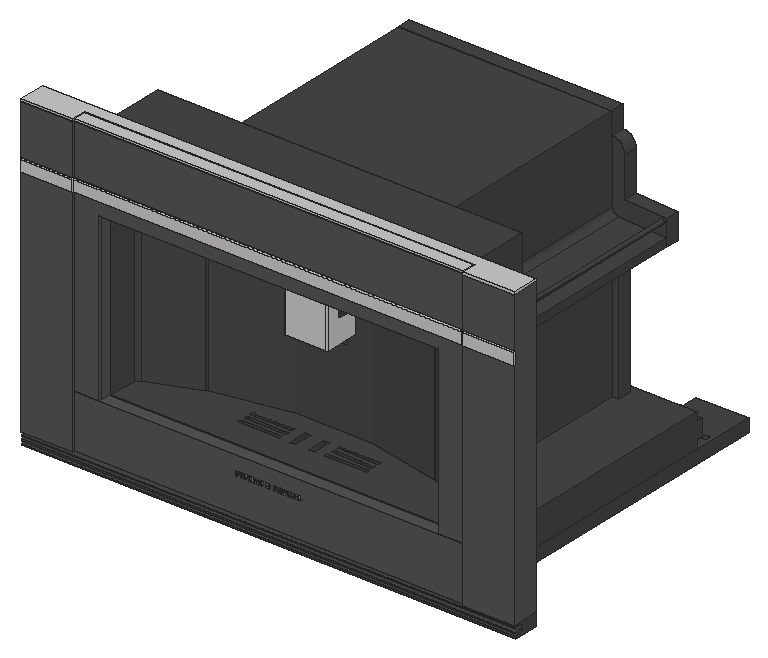
Revit family "FP_Revit_18_EB60DSXBB1_w_TK76NDBB1_Coffee_Maker_w_76cm_Trimkit_90000810A", category Specialty Equipment, Revit 2018
Family settings
  Round Connector Dimension = Use Diameter
  Part Type = Normal
  OmniClass Number = 23.40.40.14.17.31
  OmniClass Title = Small Specialized Cooking Equipment
  Work Plane-Based = No
  Always vertical = Yes
  Cut with Voids When Loaded = Yes
  Shared = No
  Room Calculation Point = No
Parameters (values of type "EB60DSXBB1 + TK76NDBB1")
  Visibility - Clearance Required = yes
  URL = "www.fisherpaykel.com"
  Product - Width = 757 mm  # constant formula
  Product - Height = 478 mm  # constant formula
  Product - Depth = 614 mm  # constant formula
  Model = "EB60DSXBB1 + TK76NDBB1"
  Material - Trim = Fisher & Paykel - Stainless Steel
  Material - Glass = Fisher & Paykel - Glass, Black
  Material - Body = Fisher & Paykel - Black
  Manufacturer = "Fisher & Paykel Appliances"
  FFL Offset [instance] = 900 mm
  Description = "60cm Coffee Maker + 76cm Trimkit"
  Connector Description - Electrical = "220-240 V, 50 Hz, 6.1 A"
  Chassis - Width = 560 mm  # constant formula
  Chassis - Height = 446 mm  # constant formula
  Chassis - Depth = 540 mm  # constant formula
  Cavity - Width = 560 mm  # constant formula
  Cavity - Height = 480 mm  # constant formula
  Cavity - Depth = 560 mm  # constant formula
Reference planes
  plane 1 "Center (Front/Back)": y = 0
  plane 2: z = 0
  plane 3 "Center (Left/Right)": x = 0
  plane 4: z = 1380
  plane 5: z = 1378
  plane 6 "Product LHS": x = -378.5
  plane 7 "Product RHS": x = 378.5
  plane 8 "Product - Depth": y = 0
  plane 9 "Cavity LHS": x = -380
  plane 10 "Cavity RHS": x = 380
  plane 11 "Cavity - Depth": y = 560
  plane 12 "Front Face": y = -41.5
  plane 13 "Chassis - Height": z = 0
  plane 14 "Product Depth": y = 540
  plane 15 "FFL Offset": z = 900
Forms (mm)
  Extrusion 1, void
    sketch origin (0, 0, 0) x (0, 1, 0) y (0, 0, 1)
      loop
        line (-41.5, 1380) -> (-41.5, 900) -> (0, 900) -> (0, 1380) -> (-41.5, 1380)
    from -380 to 380
  Extrusion 2, void
    sketch origin (0, 0, 0) x (0, 1, 0) y (0, 0, 1)
      loop
        line (560, 1370) -> (0, 1370) -> (0, 900) -> (560, 900) -> (560, 1370)
    from -280 to 280
Text (mm)
  text "Due to ongoing product development, product details are subject to change without notice. \nPlease always refer to www.fisherpaykel.com for the most current product information. \n© Fisher & Paykel 2020" at (41.04, -413.295, 0), in view "Ref. Level (Plan)"
Dimensions and locks
  equal spacing: plane 6 "Product LHS", plane 3 "Center (Left/Right)", plane 7 "Product RHS"
  "Product - Width": plane 6 "Product LHS" to plane 7 "Product RHS"
  equal spacing: plane 9 "Cavity LHS", plane 3 "Center (Left/Right)", plane 10 "Cavity RHS"
  locked: plane 9 "Cavity LHS" to plane 10 "Cavity RHS" at 760
  plane 12 "Front Face" to plane 1 "Center (Front/Back)" = 41.5 mm
  "Chassis - Depth": plane 1 "Center (Front/Back)" to plane 14 "Product Depth"
  "FFL Offset": plane 15 "FFL Offset" to level
  "Cavity - Depth": plane 1 "Center (Front/Back)" to plane 11 "Cavity - Depth"
  "Product - Height": plane 5 to plane 15 "FFL Offset"
  "Cavity - Height": plane 4 to plane 15 "FFL Offset"
  "Cavity - Width": Extrusion 2 to Extrusion 2
  aligned and locked: level to plane 2
  aligned and locked: plane 15 "FFL Offset" to nested 2
  aligned and locked: nested 2 to plane 8 "Product - Depth"
  aligned and locked: plane 12 "Front Face" to nested 2
  aligned and locked: plane 12 "Front Face" to Extrusion 1 sketch curve
  aligned and locked: Extrusion 1 sketch curve to plane 8 "Product - Depth"
  aligned and locked: plane 15 "FFL Offset" to Extrusion 1 sketch curve
  aligned and locked: Extrusion 1 sketch curve to plane 4
  aligned and locked: Extrusion 1 to plane 10 "Cavity RHS"
  aligned and locked: plane 9 "Cavity LHS" to Extrusion 1
  aligned and locked: Extrusion 2 sketch curve to plane 8 "Product - Depth"
  aligned and locked: Extrusion 2 sketch curve to plane 15 "FFL Offset"
  aligned and locked: plane 11 "Cavity - Depth" to Extrusion 2 sketch curve
  aligned and locked: Extrusion 2 sketch curve to nested 2
Nested families
  nested 1: "FP_Revit_18_EB60DSXBB1_Coffee_Maker_90000810A" at (0, -19.5, 20), FFL Offset <- "FFL Offset", type "EB60DSXBB1"
    with FFL Offset 900 mm
  nested 2: "FP_Revit_18_TK76ND_Trimkits_90001189A" at (0, 0, 0), FFL Offset <- "FFL Offset", type "TK76NDBB1"
    with FFL Offset 900 mm
Connectors
  electrical at (95.857, 411.31, 1063), driven by "Connector Description - Electrical"
    settings: on nested 1, index 1, voltage 230 V, apparent load 0 VA, apparent load phase1 0 VA, apparent load phase2 0 VA, apparent load phase3 0 VA, power factor 1, load classification "Other", number of poles 1, system type 30, power factor state 1, is connector primary yes, connector utility no, sub classification motor no, connector description "220-240 V, 50 Hz, 6.1 A"
Definition of nested family "FP_Revit_18_EB60DSXBB1_Coffee_Maker_90000810A"
  Parameters (values of type "EB24DSXB1")
    Visibility - Clearance Required = yes
    URL = "www.fisherpaykel.com"
    Product - Width = 596 mm  # constant formula
    Product - Height = 458 mm  # constant formula
    Product - Depth = 480 mm  # constant formula
    Model = "EB24DSXB1"
    Material - Trim = none
    Material - Glass = none
    Material - Body = none
    Manufacturer = "Fisher & Paykel Appliances"
    FFL Offset [instance] = 860 mm
    Description = "24cm Coffee Maker"
    Connector Description - Electrical = "120 V, 60 Hz, 11.25 A"
    Chassis - Width = 560 mm  # constant formula
    Chassis - Height = 445 mm  # constant formula
    Chassis - Depth = 460 mm  # constant formula
    Cavity - Width = 600 mm  # constant formula
    Cavity - Height = 460 mm  # constant formula
    Cavity - Depth = 545 mm  # constant formula
  Types (4, lengths in mm): name | Model | Description | Connector Description - Electrical
    EB60DSXBB1 | "EB60DSXBB1" | "60cm Coffee Maker" | "220-240 V, 50 Hz, 6.1 A"
    EB60DSXB2 | "EB60DSXB2" | "60cm Coffee Maker" | "220-240 V, 50 Hz, 6.1 A"
    EB24DSXBB1 | "EB24DSXBB1" | "24cm Coffee Maker" | "120 V, 60 Hz, 11.25 A"
    EB24DSXB1 | "EB24DSXB1" | "24cm Coffee Maker" | "120 V, 60 Hz, 11.25 A"
  Reference planes
    plane 1 "Center (Front/Back)": y = 0
    plane 2: z = 0
    plane 3 "Center (Left/Right)": x = 0
    plane 4: z = 1320
    plane 5: z = 1318
    plane 6 "Product LHS": x = -298
    plane 7 "Product RHS": x = 298
    plane 8 "Cavity LHS": x = -300
    plane 9 "Cavity RHS": x = 300
    plane 10 "Cavity - Depth": y = 545
    plane 11 "Front Face": y = -20
    plane 12 "Product Depth": y = 460
    plane 13 "FFL Offset": z = 860
  Forms (mm)
    Extrusion 1, solid, material <- "Material - Glass", detail levels fine
      sketch origin (0, 0, 915) x (0, 1, 0) y (0, 0, 1)
        loop
          line (0, -54) -> (0, 400) -> (-18.19, 400)
          arc (-18.19, 400) -> (-19.179, 399.792) -> (-20, 399.202) r 2.451
          line (-20, 399.202) -> (-20, 28.9) -> (-13, 28.9) -> (-13, 27.85) -> (-20, 27.85) -> (-20, -54) -> (0, -54)
      from -298 to 298
    Extrusion 2, solid, material <- "Material - Trim", detail levels fine
      sketch origin (0, 0, 0) x (0, 1, 0) y (0, 0, 1)
        loop
          line (0, 1318) -> (-20, 1318) -> (-20, 1315) -> (0, 1315) -> (0, 1318)
      from -298 to 298
    Extrusion 3, solid, material <- "Material - Trim", detail levels fine
      sketch origin (0, 0, 915) x (0, 1, 0) y (0, 0, 1)
        loop
          line (-20, 303) -> (-20, 322.8) -> (-20.827, 322.8) -> (-21.702, 320.52) -> (-21.702, 303) -> (-20, 303)
      from -298 to 298
    Extrusion 4, solid, material <- "Material - Body"
      sketch origin (0, 0, 0) x (0, 1, 0) y (0, 0, 1)
        loop
          line (116.01, 911.9) -> (116.01, 1305) -> (0, 1305) -> (0, 860) -> (450.02, 860) -> (450.02, 872.9) -> (460, 872.9) -> (460, 898.96) -> (450.02, 898.96) -> (450.02, 911.9) -> (116.01, 911.9)
      from -280 to 280
    Extrusion 5, solid, material <- "Material - Body", detail levels fine
      sketch origin (0, 0, 915) x (1, 0, 0) y (0, 0, 1)
        loop
          circle (255.488, 264.858) r 3
        loop
          arc (187.564, 248.08) -> (180.801, 250.881) -> (178, 257.644) r 9.564
          line (178, 257.644) -> (178, 390) -> (-150, 390) -> (-150, 258.403)
          arc (-150, 258.403) -> (-152.821, 251.442) -> (-159.691, 248.408) r 10
          line (-159.691, 248.408) -> (-261.967, 245.247) -> (-261.967, 232.285) -> (-159.605, 228.24)
          arc (-159.605, 228.24) -> (-152.791, 225.178) -> (-150, 218.248) r 10
          line (-150, 218.248) -> (-150, -3.1) -> (178, -3.1) -> (178, 219.061)
          arc (178, 219.061) -> (180.801, 225.824) -> (187.564, 228.625) r 9.564
          line (187.564, 228.625) -> (261.48, 231.852) -> (261.48, 244.856) -> (187.564, 248.08)
        loop
          circle (-255.488, 265.27) r 3
      from -415.81 to -116.01
    Extrusion 6, solid, material <- "Material - Body", detail levels fine
      sketch origin (0, 0, 0) x (1, 0, 0) y (0, 0, 1)
        loop
          line (261.48, 1185.549) -> (197.977, 1189.414) -> (197.977, 1250.8)
          arc (197.977, 1250.8) -> (192.126, 1264.926) -> (178, 1270.777) r 19.977
          line (178, 1270.777) -> (178, 1305) -> (-150.023, 1305) -> (-150.023, 1270.366)
          arc (-150.023, 1270.366) -> (-164.149, 1264.514) -> (-170, 1250.389) r 19.977
          line (-170, 1250.389) -> (-170, 1189.558) -> (-261.967, 1185.943) -> (-261.967, 1147.299) -> (-170, 1143.699) -> (-170, 860) -> (-120, 860) -> (-120, 1262.538) -> (145.224, 1262.538) -> (145.224, 911.9) -> (188.072, 911.9) -> (188.072, 1143.699) -> (261.48, 1146.905) -> (261.48, 1185.549)
      from -436.81 to -415.81
    Extrusion 7, void
      sketch origin (0, 0, 0) x (1, 0, 0) y (0, 1, 0)
        loop
          line (-261, -20.25) -> (261, -20.25) -> (261, -16.15) -> (258.097, 43.307)
          arc (258.097, 43.307) -> (256.532, 47.844) -> (252.912, 50.994) r 9.287
          arc (252.912, 50.994) -> (215.2, 66.982) -> (176.484, 80.359) r 600.007
          line (176.484, 80.359) -> (176.484, 87.818) -> (173.853, 87.818) -> (173.853, 81.162)
          arc (173.853, 81.162) -> (0, 106.902) -> (-173.853, 81.162) r 600.007
          line (-173.853, 81.162) -> (-173.853, 87.818) -> (-176.484, 87.818) -> (-176.484, 80.359)
          arc (-176.484, 80.359) -> (-215.2, 66.982) -> (-252.912, 50.994) r 600.007
          arc (-252.912, 50.994) -> (-256.532, 47.844) -> (-258.097, 43.307) r 9.287
          line (-258.097, 43.307) -> (-261, -16.15) -> (-261, -20.25)
      from 942.8 to 1197.8
    Extrusion 8, void
      sketch origin (0, 0, 0) x (1, 0, 0) y (0, 1, 0)
        loop
          arc (-96.162, 73.7) -> (-99.162, 70.7) -> (-96.162, 67.7) r 3
          line (-96.162, 67.7) -> (-36.788, 67.7)
          arc (-36.788, 67.7) -> (-33.788, 70.7) -> (-36.788, 73.7) r 3
          line (-36.788, 73.7) -> (-96.162, 73.7)
        loop
          arc (-96.162, 61.7) -> (-99.162, 58.7) -> (-96.162, 55.7) r 3
          line (-96.162, 55.7) -> (-36.788, 55.7)
          arc (-36.788, 55.7) -> (-33.788, 58.7) -> (-36.788, 61.7) r 3
          line (-36.788, 61.7) -> (-96.162, 61.7)
        loop
          arc (-96.162, 49.7) -> (-99.162, 46.7) -> (-96.162, 43.7) r 3
          line (-96.162, 43.7) -> (-36.788, 43.7)
          arc (-36.788, 43.7) -> (-33.788, 46.7) -> (-36.788, 49.7) r 3
          line (-36.788, 49.7) -> (-96.162, 49.7)
        loop
          line (-19.49, 73.102) -> (-19.49, 44.102) -> (-10.49, 44.102) -> (-10.49, 73.102) -> (-19.49, 73.102)
        loop
          line (96.162, 73.7) -> (36.788, 73.7)
          arc (36.788, 73.7) -> (33.788, 70.7) -> (36.788, 67.7) r 3
          line (36.788, 67.7) -> (96.162, 67.7)
          arc (96.162, 67.7) -> (99.162, 70.7) -> (96.162, 73.7) r 3
        loop
          line (96.162, 61.7) -> (36.788, 61.7)
          arc (36.788, 61.7) -> (33.788, 58.7) -> (36.788, 55.7) r 3
          line (36.788, 55.7) -> (96.162, 55.7)
          arc (96.162, 55.7) -> (99.162, 58.7) -> (96.162, 61.7) r 3
        loop
          line (96.162, 49.7) -> (36.788, 49.7)
          arc (36.788, 49.7) -> (33.788, 46.7) -> (36.788, 43.7) r 3
          line (36.788, 43.7) -> (96.162, 43.7)
          arc (96.162, 43.7) -> (99.162, 46.7) -> (96.162, 49.7) r 3
        loop
          line (19.49, 73.102) -> (10.49, 73.102) -> (10.49, 44.102) -> (19.49, 44.102) -> (19.49, 73.102)
      from 932.9 to 942.8
    Extrusion 9, solid, material <- "Material - Body"
      sketch origin (0, 0, 0) x (1, 0, 0) y (0, 1, 0)
        loop
          line (-238.877, 57.3) -> (238.036, 57.3) -> (238.036, 116.01) -> (-238.877, 116.01) -> (-238.877, 57.3)
      from 1171.8 to 1197.8
    Extrusion 10, solid, material <- "Material - Trim"
      sketch origin (0, 0, 0) x (1, 0, 0) y (0, 1, 0)
        loop
          line (-33, 105.99) -> (-33, 52.807)
          arc (-33, 52.807) -> (-32.412, 51.388) -> (-30.993, 50.8) r 2.007
          line (-30.993, 50.8) -> (31, 50.8)
          arc (31, 50.8) -> (32.414, 51.386) -> (33, 52.8) r 2
          line (33, 52.8) -> (33, 105.99) -> (-33, 105.99)
      from 1083.8 to 1183.5
    Extrusion 11, void
      sketch origin (0, 0, 0) x (1, 0, 0) y (0, 0, 1)
        loop
          line (-19.5, 1083.8) -> (-19.5, 1061.827) -> (19.5, 1061.827) -> (19.5, 1083.8) -> (-19.5, 1083.8)
      from -115 to -105
    Extrusion 12, solid, material <- "Material - Body", detail levels fine
      sketch origin (0, 0, 0) x (1, 0, 0) y (0, 0, 1)
        loop
          line (45.9, 1172.885) -> (45.9, 1163.535) -> (47.549, 1163.535) -> (47.549, 1147.911)
          arc (47.549, 1147.911) -> (55.35, 1140.11) -> (63.15, 1147.911) r 7.801
          line (63.15, 1147.911) -> (63.15, 1163.235) -> (73.436, 1163.235) -> (73.436, 1172.885) -> (45.9, 1172.885)
      from -106.934 to -61.01
    Extrusion 13, solid, material <- "Material - Body", detail levels fine
      sketch origin (0, 0, 915) x (1, 0, 0) y (0, 0, 1)
        loop
          line (53.653, 257.885) -> (53.653, 225.297)
          arc (53.653, 225.297) -> (55.35, 225.11) -> (57.047, 225.297) r 7.805
          line (57.047, 225.297) -> (57.047, 257.885) -> (53.653, 257.885)
      from -61.01 to -47.51
    Extrusion 14, solid, material <- "Material - Body", detail levels fine
      sketch origin (0, 0, 915) x (1, 0, 0) y (0, 0, 1)
        loop
          line (115.224, 76.056) -> (75.224, 76.056) -> (75.224, 21.056) -> (115.224, 21.056) -> (115.224, 76.056)
      from -417 to -415.81
    Extrusion 15, solid, material <- "Material - Body", detail levels fine
      sketch origin (0, 0, 915) x (1, 0, 0) y (0, 0, 1)
        loop
          line (107.224, 68.056) -> (83.224, 68.056) -> (83.224, 29.056) -> (107.224, 29.056) -> (107.224, 68.056)
      from -436.81 to -417
    Extrusion 16, solid, material <- "Material - Body", detail levels fine
      sketch origin (0, 0, 0) x (1, 0, 0) y (0, 1, 0)
        loop
          circle (95.857, 430.81) r 5
      from 983.056 to 1003
    Extrusion 17, void
      sketch origin (0, 0, 915) x (0, 1, 0) y (0, 0, 1)
        loop
          line (445.9, -19.903) -> (0, -19.903) -> (0, -55) -> (445.9, -55) -> (445.9, -19.903)
      from -54 to 54
    Extrusion 18, solid, detail levels fine
      sketch origin (0, 0, 0) x (1, 0, 0) y (0, 1, 0)
        loop
          line (-210.55, 31.63) -> (-210.55, 5.8) -> (-193.27, 5.8) -> (-193.27, 31.63) -> (-210.55, 31.63)
        loop
          line (-203.25, 13.924) -> (-203.25, 14.725)
          arc (-203.25, 14.725) -> (-201.75, 22.856) -> (-200.25, 14.725) r 4.204
          line (-200.25, 14.725) -> (-200.25, 13.924)
          arc (-200.25, 13.924) -> (-201.75, 23.687) -> (-203.25, 13.924) r 4.997
        loop
          line (-202.15, 17.61) -> (-202.15, 12.8) -> (-201.35, 12.8) -> (-201.35, 17.61) -> (-202.15, 17.61)
      from 1196.9 to 1197.8
    Extrusion 19, solid, visible <- "Visibility - Clearance Required", detail levels coarse
      sketch origin (0, 0, 0) x (1, 0, 0) y (0, 1, 0)
        loop
          line (-300, 0) -> (-300, -20) -> (300, -20) -> (300, 0) -> (-300, 0)
      from 860 to 1320
    Extrusion 20, solid, visible <- "Visibility - Clearance Required", detail levels coarse
      sketch origin (0, 0, 0) x (1, 0, 0) y (0, 1, 0)
        loop
          line (-280, 0) -> (280, 0) -> (280, 545) -> (-280, 545) -> (-280, 0)
      from 860 to 1310
    Extrusion 21, solid, material <- "Material - Body", detail levels coarse+medium
      sketch origin (0, -20, 915) x (-1, 0, 0) y (0, 0, 1)
        loop
          line (-197.977, 274.414) -> (-261.48, 274.414) -> (-261.48, 228.699) -> (-188.072, 228.699) -> (-188.072, -3.1) -> (170, -3.1) -> (170, 228.699) -> (261.967, 228.699) -> (261.967, 274.558) -> (170, 274.558) -> (170, 390.05) -> (-197.977, 390.05) -> (-197.977, 274.414)
      from 136.01 to 456.81
    Extrusion 22, solid, material <- "Material - Glass", detail levels coarse+medium
      sketch origin (0, 0, 915) x (1, 0, 0) y (0, 0, 1)
        loop
          line (-298, -54) -> (298, -54) -> (298, 403) -> (-298, 403) -> (-298, -54)
        loop
          line (261, 282.85) -> (-261, 282.85) -> (-261, 27.85) -> (261, 27.85) -> (261, 282.85)
      from 0 to 20
    Extrusion 23, void
      sketch origin (0, 0, 0) x (1, 0, 0) y (0, 1, 0)
        loop
          line (-280, 545) -> (-280, 0) -> (280, 0) -> (280, 545) -> (-280, 545)
      from 860 to 1310
    Extrusion 24, void
      sketch origin (0, 0, 0) x (1, 0, 0) y (0, 1, 0)
        loop
          line (-300, 0) -> (-300, -20) -> (300, -20) -> (300, 0) -> (-300, 0)
      from 860 to 1320
  Cuts and joins
    Extrusion 7 cuts Extrusion 1
    Extrusion 7, Extrusion 8, Extrusion 11, Extrusion 17 cuts Extrusion 4
    joined: Extrusion 4, Extrusion 9
  Lines and regions (mm)
    model lines, detail levels medium+fine
      curve 1: line (-47, -20, 1293.952) -> (47, -20, 1293.952)
      curve 2: line (-47, -20, 1240.952) -> (-47, -20, 1293.952)
      curve 3: line (47, -20, 1240.952) -> (-47, -20, 1240.952)
      curve 4: line (47, -20, 1293.952) -> (47, -20, 1240.952)
  Text (mm)
    text "Due to ongoing product development, product details are subject to change without notice. \nPlease always refer to www.fisherpaykel.com for the most current product information. \n© Fisher & Paykel 2020" at (41.04, -248.295, 0), in view "Ref. Level (Plan)"
  Dimensions and locks
    equal spacing: plane 6 "Product LHS", plane 3 "Center (Left/Right)", plane 7 "Product RHS"
    "Product - Width": plane 6 "Product LHS" to plane 7 "Product RHS"
    equal spacing: plane 8 "Cavity LHS", plane 3 "Center (Left/Right)", plane 9 "Cavity RHS"
    "Cavity - Width": plane 8 "Cavity LHS" to plane 9 "Cavity RHS"
    "Cavity - Depth": plane 10 "Cavity - Depth" to plane 1 "Center (Front/Back)"
    plane 11 "Front Face" to plane 1 "Center (Front/Back)" = 20 mm
    "Chassis - Depth": plane 1 "Center (Front/Back)" to plane 12 "Product Depth"
    "Product - Depth": plane 12 "Product Depth" to plane 11 "Front Face"
    "Chassis - Width": cut or joined group of Extrusion 4, Extrusion 7, Extrusion 8, Extrusion 9, Extrusion 11, Extrusion 17 to cut or joined group of Extrusion 4, Extrusion 7, Extrusion 8, Extrusion 9, Extrusion 11, Extrusion 17
    "FFL Offset": plane 13 "FFL Offset" to level
    "Chassis - Height": cut or joined group of Extrusion 4, Extrusion 7, Extrusion 8, Extrusion 9, Extrusion 11, Extrusion 17 to plane 13 "FFL Offset"
    "Product - Height": plane 5 to plane 13 "FFL Offset"
    "Cavity - Height": plane 4 to plane 13 "FFL Offset"
    locked: Extrusion 23 to plane 13 "FFL Offset" at 450
    locked: plane 5 to Extrusion 21 at 12.95
    locked: Extrusion 3 to plane 13 "FFL Offset" at 358
    locked: plane 13 "FFL Offset" to cut or joined group of Extrusion 1, Extrusion 7 at 1
    locked: plane 13 "FFL Offset" to cut or joined group of Extrusion 4, Extrusion 7, Extrusion 8, Extrusion 9, Extrusion 11, Extrusion 17 at 82.8
    locked: plane 13 "FFL Offset" to Extrusion 22 sketch curve at 337.85
    locked: cut or joined group of Extrusion 4, Extrusion 7, Extrusion 8, Extrusion 9, Extrusion 11, Extrusion 17 to plane 13 "FFL Offset" at 337.8
    locked: cut or joined group of Extrusion 4, Extrusion 7, Extrusion 8, Extrusion 9, Extrusion 11, Extrusion 17 to plane 13 "FFL Offset" at 51.9
    locked: plane 5 to Extrusion 3 at 100
    locked: plane 5 to Extrusion 22 at 120.15
    locked: plane 5 to Extrusion 22 at 375.15
    locked: Extrusion 16 to plane 13 "FFL Offset" at 143
    locked: cut or joined group of Extrusion 4, Extrusion 7, Extrusion 8, Extrusion 9, Extrusion 11, Extrusion 17 to cut or joined group of Extrusion 4, Extrusion 7, Extrusion 8, Extrusion 9, Extrusion 11, Extrusion 17 at 9.9
    locked: nested 1 to plane 13 "FFL Offset" at 61.04
    locked: Extrusion 10 to plane 13 "FFL Offset" at 323.5
    locked: Extrusion 10 to plane 13 "FFL Offset" at 223.8
    locked: cut or joined group of Extrusion 4, Extrusion 7, Extrusion 8, Extrusion 9, Extrusion 11, Extrusion 17 to plane 13 "FFL Offset" at 201.827
    locked: cut or joined group of Extrusion 4, Extrusion 7, Extrusion 8, Extrusion 9, Extrusion 11, Extrusion 17 to plane 13 "FFL Offset" at 311.8
    locked: Extrusion 12 to plane 13 "FFL Offset" at 312.885
    locked: Extrusion 22 to Extrusion 18 at 0.95
    locked: plane 5 to Extrusion 23 at 8
    locked: Extrusion 17 sketch curve to plane 13 "FFL Offset" at 35.097
    plane 5 to curve 3 = 77.048 mm
    locked: plane 5 to curve 1 at 24.048
    locked: Extrusion 15 to plane 13 "FFL Offset" at 84.056
    locked: Extrusion 15 to plane 13 "FFL Offset" at 123.056
    locked: plane 5 to curve 3 at 77.048
    aligned and locked: level to plane 2
    aligned and locked: Extrusion 3 to plane 7 "Product RHS"
    aligned and locked: plane 6 "Product LHS" to Extrusion 3
    aligned and locked: Extrusion 2 to plane 7 "Product RHS"
    aligned and locked: plane 6 "Product LHS" to Extrusion 2
    aligned and locked: plane 6 "Product LHS" to Extrusion 1
    aligned and locked: Extrusion 1 to plane 7 "Product RHS"
    aligned and locked: plane 9 "Cavity RHS" to Extrusion 19 sketch curve
    aligned and locked: Extrusion 19 sketch curve to plane 8 "Cavity LHS"
    aligned and locked: plane 1 "Center (Front/Back)" to Extrusion 19 sketch curve
    aligned and locked: Extrusion 5 to cut or joined group of Extrusion 4, Extrusion 7, Extrusion 8, Extrusion 9, Extrusion 11, Extrusion 17
    aligned and locked: Extrusion 5 to Extrusion 4
    aligned and locked: Extrusion 6 to Extrusion 5
    aligned and locked: plane 4 to Extrusion 24
    aligned and locked: plane 5 to Extrusion 2
    aligned and locked: Extrusion 24 to Extrusion 19
    aligned and locked: plane 5 to Extrusion 22 sketch curve
    aligned and locked: Extrusion 21 to Extrusion 5
    aligned and locked: Extrusion 5 to Extrusion 6
    aligned and locked: Extrusion 8 to Extrusion 7
    aligned and locked: Extrusion 11 to Extrusion 10
    aligned and locked: cut or joined group of Extrusion 1, Extrusion 7 to Extrusion 18
    aligned and locked: Extrusion 19 to Extrusion 17
    aligned and locked: plane 13 "FFL Offset" to Extrusion 4 sketch curve
    aligned and locked: Extrusion 4 to Extrusion 17
    aligned and locked: Extrusion 23 to cut or joined group of Extrusion 4, Extrusion 7, Extrusion 8, Extrusion 9, Extrusion 11, Extrusion 17
    aligned and locked: cut or joined group of Extrusion 4, Extrusion 7, Extrusion 8, Extrusion 9, Extrusion 11, Extrusion 17 to Extrusion 6
    aligned and locked: Extrusion 24 to cut or joined group of Extrusion 4, Extrusion 7, Extrusion 8, Extrusion 9, Extrusion 11, Extrusion 17
    aligned and locked: Extrusion 20 to Extrusion 23
    aligned and locked: Extrusion 20 to Extrusion 6
    aligned and locked: Extrusion 7 to Extrusion 9
    aligned and locked: Extrusion 16 to Extrusion 15
  Automatic sketch dimensions
    Extrusion 3 sketch curve to Extrusion 3 sketch curve = 17.52 mm
    Extrusion 3 sketch curve to Extrusion 3 sketch curve = 0.875 mm
    Extrusion 3 sketch curve to Extrusion 3 sketch curve = 0.827 mm
    Extrusion 3 sketch curve to Extrusion 3 sketch curve = 2.28 mm
    Extrusion 7 sketch curve to Extrusion 7 sketch curve = 0 mm  (x4)
    Extrusion 7 sketch curve to plane 3 "Center (Left/Right)" = 0 mm
    Extrusion 7 sketch curve to plane 6 "Product LHS" = 124.147 mm
    Extrusion 7 sketch curve to Extrusion 7 sketch curve = 2.63 mm  (x2)
    Extrusion 7 sketch curve to plane 6 "Product LHS" = 49.167 mm
    Extrusion 7 sketch curve to Extrusion 7 sketch curve = 9.264 mm  (x2)
    Extrusion 7 sketch curve to plane 6 "Product LHS" = 37 mm
    plane 7 "Product RHS" to Extrusion 7 sketch curve = 124.147 mm
    plane 7 "Product RHS" to Extrusion 7 sketch curve = 49.167 mm
    plane 1 "Center (Front/Back)" to Extrusion 7 sketch curve = 16.15 mm
    plane 7 "Product RHS" to Extrusion 7 sketch curve = 37 mm
    plane 1 "Center (Front/Back)" to Extrusion 7 sketch curve = 493.105 mm
    Extrusion 7 sketch curve to plane 1 "Center (Front/Back)" = 42.65 mm  (x2)
    Extrusion 7 sketch curve to Extrusion 7 sketch curve = 0.657 mm  (x2)
    Extrusion 7 sketch curve to plane 1 "Center (Front/Back)" = 80.359 mm  (x2)
    Extrusion 7 sketch curve to Extrusion 7 sketch curve = 0.803 mm
    Extrusion 7 sketch curve to Extrusion 7 sketch curve = 6.656 mm  (x2)
    Extrusion 7 sketch curve to Extrusion 7 sketch curve = 4.1 mm  (x2)
    Extrusion 8 sketch curve to plane 3 "Center (Left/Right)" = 96.162 mm
    Extrusion 8 sketch curve to Extrusion 8 sketch curve = 0 mm  (x9)
    Extrusion 8 sketch curve to plane 3 "Center (Left/Right)" = 36.788 mm
    Extrusion 8 sketch curve to Extrusion 8 sketch curve = 17.298 mm  (x3)
    Extrusion 8 sketch curve to Extrusion 8 sketch curve = 9 mm  (x2)
    plane 3 "Center (Left/Right)" to Extrusion 8 sketch curve = 10.49 mm
    Extrusion 8 sketch curve to Extrusion 8 sketch curve = 59.375 mm
    Extrusion 8 sketch curve to plane 1 "Center (Front/Back)" = 43.7 mm  (x2)
    Extrusion 8 sketch curve to Extrusion 8 sketch curve = 0.402 mm
    Extrusion 8 sketch curve to Extrusion 8 sketch curve = 3 mm  (x6)
    Extrusion 8 sketch curve to Extrusion 8 sketch curve = 6 mm  (x4)
    Extrusion 8 sketch curve to Extrusion 8 sketch curve = 0.598 mm
    Extrusion 10 sketch curve to Extrusion 10 sketch curve = 2.007 mm
    Extrusion 10 sketch curve to Extrusion 10 sketch curve = 53.19 mm
    Extrusion 11 sketch curve to plane 3 "Center (Left/Right)" = 19.5 mm
    plane 3 "Center (Left/Right)" to Extrusion 11 sketch curve = 19.5 mm
    level to Extrusion 11 sketch curve = 1061.827 mm
    Extrusion 11 sketch curve to Extrusion 11 sketch curve = 21.973 mm
    Extrusion 12 sketch curve to Extrusion 12 sketch curve = 1.649 mm
    Extrusion 12 sketch curve to Extrusion 12 sketch curve = 7.801 mm
    Extrusion 12 sketch curve to Extrusion 12 sketch curve = 10.286 mm
    Extrusion 12 sketch curve to Extrusion 12 sketch curve = 15.324 mm
    Extrusion 12 sketch curve to Extrusion 12 sketch curve = 0.3 mm
    Extrusion 12 sketch curve to Extrusion 12 sketch curve = 9.35 mm
    Extrusion 13 sketch curve to Extrusion 13 sketch curve = 1.697 mm
    Extrusion 13 sketch curve to Extrusion 13 sketch curve = 7.618 mm
    Extrusion 13 sketch curve to Extrusion 13 sketch curve = 24.97 mm
    Extrusion 13 sketch curve to Extrusion 13 sketch curve = 3.394 mm
    Extrusion 14 sketch curve to Extrusion 14 sketch curve = 40 mm
    Extrusion 14 sketch curve to Extrusion 14 sketch curve = 55 mm
    Extrusion 15 sketch curve to Extrusion 15 sketch curve = 24 mm
    Extrusion 15 sketch curve to Extrusion 15 sketch curve = 39 mm
    level to Extrusion 17 sketch curve = 860 mm
    Extrusion 17 sketch curve to plane 1 "Center (Front/Back)" = 0 mm
    Extrusion 18 sketch curve to Extrusion 18 sketch curve = 7.3 mm
    Extrusion 18 sketch curve to Extrusion 18 sketch curve = 1.1 mm  (x2)
    Extrusion 18 sketch curve to Extrusion 18 sketch curve = 0.4 mm
    Extrusion 18 sketch curve to Extrusion 18 sketch curve = 0 mm
    Extrusion 18 sketch curve to Extrusion 18 sketch curve = 0.8 mm
    Extrusion 18 sketch curve to Extrusion 18 sketch curve = 8.08 mm
    Extrusion 18 sketch curve to Extrusion 18 sketch curve = 7 mm
    Extrusion 18 sketch curve to Extrusion 18 sketch curve = 1.124 mm
    Extrusion 18 sketch curve to Extrusion 18 sketch curve = 0.801 mm
    Extrusion 18 sketch curve to Extrusion 18 sketch curve = 2.885 mm
    Extrusion 18 sketch curve to Extrusion 18 sketch curve = 1.042 mm
    Extrusion 18 sketch curve to Extrusion 18 sketch curve = 0.038 mm
    Extrusion 18 sketch curve to Extrusion 18 sketch curve = 12.94 mm
    Extrusion 9 sketch curve to plane 6 "Product LHS" = 59.123 mm
    Extrusion 9 sketch curve to plane 1 "Center (Front/Back)" = 57.3 mm
    plane 7 "Product RHS" to Extrusion 9 sketch curve = 59.964 mm
    Extrusion 9 sketch curve to Extrusion 9 sketch curve = 58.71 mm
    plane 1 "Center (Front/Back)" to Extrusion 19 sketch curve = 20 mm
    Extrusion 17 sketch curve to plane 10 "Cavity - Depth" = 99.1 mm
    Extrusion 6 sketch curve to plane 6 "Product LHS" = 36.033 mm
    level to Extrusion 6 sketch curve = 860 mm
    Extrusion 6 sketch curve to plane 6 "Product LHS" = 128 mm
    Extrusion 6 sketch curve to Extrusion 6 sketch curve = 0 mm
    Extrusion 6 sketch curve to Extrusion 6 sketch curve = 19.977 mm
    Extrusion 6 sketch curve to Extrusion 6 sketch curve = 30.023 mm
    level to Extrusion 6 sketch curve = 911.9 mm
    plane 3 "Center (Left/Right)" to Extrusion 6 sketch curve = 145.224 mm
    Extrusion 6 sketch curve to plane 5 = 13 mm
    Extrusion 6 sketch curve to Extrusion 6 sketch curve = 32.776 mm
    Extrusion 6 sketch curve to Extrusion 6 sketch curve = 10.072 mm
    Extrusion 6 sketch curve to Extrusion 6 sketch curve = 9.905 mm
    plane 7 "Product RHS" to Extrusion 6 sketch curve = 36.52 mm
    Extrusion 6 sketch curve to Extrusion 6 sketch curve = 161.301 mm  (x2)
    Extrusion 6 sketch curve to Extrusion 6 sketch curve = 3.205 mm
    Extrusion 6 sketch curve to Extrusion 6 sketch curve = 3.6 mm
    Extrusion 6 sketch curve to Extrusion 6 sketch curve = 38.645 mm
    Extrusion 6 sketch curve to Extrusion 6 sketch curve = 38.644 mm
    Extrusion 6 sketch curve to Extrusion 6 sketch curve = 45.715 mm
    Extrusion 6 sketch curve to Extrusion 6 sketch curve = 45.858 mm
    Extrusion 6 sketch curve to Extrusion 6 sketch curve = 54.611 mm
    Extrusion 6 sketch curve to Extrusion 6 sketch curve = 54.2 mm
    Extrusion 6 sketch curve to Extrusion 6 sketch curve = 7.828 mm
    Extrusion 5 sketch curve to plane 6 "Product LHS" = 36.033 mm
    Extrusion 5 sketch curve to Extrusion 5 sketch curve = 6.478 mm
    Extrusion 5 sketch curve to Extrusion 5 sketch curve = 95.488 mm
    Extrusion 5 sketch curve to Extrusion 5 sketch curve = 0.309 mm  (x2)
    Extrusion 5 sketch curve to Extrusion 5 sketch curve = 0.395 mm
    Extrusion 5 sketch curve to Extrusion 5 sketch curve = 10 mm  (x2)
    plane 7 "Product RHS" to Extrusion 5 sketch curve = 120 mm  (x2)
    Extrusion 5 sketch curve to plane 5 = 13 mm
    Extrusion 5 sketch curve to Extrusion 5 sketch curve = 9.564 mm  (x2)
    plane 7 "Product RHS" to Extrusion 5 sketch curve = 42.512 mm
    Extrusion 5 sketch curve to Extrusion 5 sketch curve = 5.992 mm
    Extrusion 5 sketch curve to Extrusion 5 sketch curve = 171.752 mm
    Extrusion 5 sketch curve to Extrusion 5 sketch curve = 170.939 mm
    Extrusion 5 sketch curve to Extrusion 5 sketch curve = 3.227 mm
    Extrusion 5 sketch curve to Extrusion 5 sketch curve = 4.045 mm
    Extrusion 5 sketch curve to Extrusion 5 sketch curve = 13.004 mm
    Extrusion 5 sketch curve to Extrusion 5 sketch curve = 12.962 mm
    Extrusion 5 sketch curve to Extrusion 5 sketch curve = 20.168 mm
    Extrusion 5 sketch curve to Extrusion 5 sketch curve = 19.455 mm
    Extrusion 5 sketch curve to Extrusion 5 sketch curve = 20.001 mm
    Extrusion 5 sketch curve to Extrusion 5 sketch curve = 20.023 mm
    Extrusion 20 sketch curve to plane 10 "Cavity - Depth" = 0 mm
    plane 1 "Center (Front/Back)" to Extrusion 20 sketch curve = 0 mm
    Extrusion 20 sketch curve to plane 6 "Product LHS" = 18 mm
    plane 7 "Product RHS" to Extrusion 20 sketch curve = 18 mm
    level to Extrusion 5 sketch curve = 911.9 mm
    Extrusion 21 sketch curve to plane 5 = 12.95 mm
    plane 7 "Product RHS" to Extrusion 21 sketch curve = 100.023 mm
    Extrusion 21 sketch curve to Extrusion 21 sketch curve = 9.905 mm
    level to Extrusion 21 sketch curve = 911.9 mm
    Extrusion 21 sketch curve to plane 6 "Product LHS" = 128 mm  (x2)
    Extrusion 21 sketch curve to plane 6 "Product LHS" = 36.033 mm
    Extrusion 21 sketch curve to Extrusion 21 sketch curve = 161.351 mm  (x2)
    Extrusion 21 sketch curve to Extrusion 21 sketch curve = 45.858 mm
    plane 7 "Product RHS" to Extrusion 21 sketch curve = 36.52 mm
    Extrusion 21 sketch curve to Extrusion 21 sketch curve = 45.715 mm
    Extrusion 1 sketch curve to plane 11 "Front Face" = 0 mm  (x2)
    Extrusion 1 sketch curve to plane 1 "Center (Front/Back)" = 0 mm
    plane 11 "Front Face" to Extrusion 1 sketch curve = 1.81 mm
    plane 11 "Front Face" to Extrusion 1 sketch curve = 7 mm
    level to Extrusion 1 sketch curve = 861 mm
    Extrusion 1 sketch curve to Extrusion 1 sketch curve = 81.85 mm
    Extrusion 1 sketch curve to Extrusion 1 sketch curve = 1.05 mm
    Extrusion 1 sketch curve to plane 5 = 3 mm
    Extrusion 1 sketch curve to Extrusion 1 sketch curve = 2.451 mm
    Extrusion 23 sketch curve to plane 1 "Center (Front/Back)" = 0 mm
    plane 10 "Cavity - Depth" to Extrusion 23 sketch curve = 0 mm
    Extrusion 23 sketch curve to plane 6 "Product LHS" = 18 mm
    plane 7 "Product RHS" to Extrusion 23 sketch curve = 18 mm
    Extrusion 24 sketch curve to plane 8 "Cavity LHS" = 0 mm
    Extrusion 24 sketch curve to plane 9 "Cavity RHS" = 0 mm
    Extrusion 24 sketch curve to plane 1 "Center (Front/Back)" = 0 mm
    Extrusion 24 sketch curve to plane 11 "Front Face" = 0 mm
    Extrusion 2 sketch curve to plane 11 "Front Face" = 0 mm
    Extrusion 2 sketch curve to plane 1 "Center (Front/Back)" = 0 mm
    plane 13 "FFL Offset" to Extrusion 2 sketch curve = 455 mm
    Extrusion 2 sketch curve to Extrusion 2 sketch curve = 3 mm
    Extrusion 10 sketch curve to Extrusion 10 sketch curve = 61.993 mm
    Extrusion 10 sketch curve to Extrusion 10 sketch curve = 2 mm
    plane 6 "Product LHS" to Extrusion 22 sketch curve = 0 mm
    plane 7 "Product RHS" to Extrusion 22 sketch curve = 0 mm
    Extrusion 22 sketch curve to plane 6 "Product LHS" = 37 mm
    plane 7 "Product RHS" to Extrusion 22 sketch curve = 37 mm
    plane 13 "FFL Offset" to Extrusion 22 sketch curve = 82.85 mm
    plane 13 "FFL Offset" to Extrusion 22 sketch curve = 1 mm
    Extrusion 3 sketch curve to plane 11 "Front Face" = 0 mm
    Extrusion 3 sketch curve to plane 5 = 100 mm
    Extrusion 10 sketch curve to plane 3 "Center (Left/Right)" = 33 mm
    Extrusion 10 sketch curve to plane 1 "Center (Front/Back)" = 50.8 mm
    plane 3 "Center (Left/Right)" to Extrusion 12 sketch curve = 45.9 mm
    Extrusion 12 sketch curve to plane 5 = 170.089 mm
    plane 3 "Center (Left/Right)" to Extrusion 13 sketch curve = 53.653 mm
    Extrusion 13 sketch curve to plane 5 = 177.703 mm
    plane 3 "Center (Left/Right)" to Extrusion 14 sketch curve = 75.224 mm
    plane 13 "FFL Offset" to Extrusion 14 sketch curve = 76.056 mm
    plane 3 "Center (Left/Right)" to Extrusion 15 sketch curve = 83.224 mm
    plane 13 "FFL Offset" to Extrusion 15 sketch curve = 84.056 mm
    Extrusion 16 sketch curve to plane 12 "Product Depth" = 29.19 mm
    plane 3 "Center (Left/Right)" to Extrusion 16 sketch curve = 95.857 mm
    Extrusion 18 sketch curve to plane 1 "Center (Front/Back)" = 5.8 mm
    Extrusion 18 sketch curve to plane 6 "Product LHS" = 87.45 mm
    Extrusion 4 sketch curve to plane 1 "Center (Front/Back)" = 0 mm
    Extrusion 4 sketch curve to plane 12 "Product Depth" = 0 mm
    Extrusion 4 sketch curve to plane 5 = 13 mm
    Extrusion 4 sketch curve to plane 1 "Center (Front/Back)" = 116.01 mm
    Extrusion 4 sketch curve to plane 12 "Product Depth" = 9.98 mm
    Extrusion 4 sketch curve to Extrusion 4 sketch curve = 9.98 mm
    plane 13 "FFL Offset" to Extrusion 4 sketch curve = 12.9 mm
    Extrusion 4 sketch curve to Extrusion 4 sketch curve = 26.06 mm
    plane 13 "FFL Offset" to Extrusion 4 sketch curve = 51.9 mm
    plane 3 "Center (Left/Right)" to curve 1 = 47 mm
    curve 3 to plane 3 "Center (Left/Right)" = 47 mm
    radius of Extrusion 16 sketch curve = 5 mm
    radius of Extrusion 5 sketch curve = 3 mm  (x2)
  Nested families
    nested 1: "F&P Logo 100mm" at (0, -20, 915), type "F&P Logo 100mm", detail levels fine
  Connectors
    electrical at (95.857, 430.81, 1003), driven by "Connector Description - Electrical"
      settings: on Extrusion 16, index 1, voltage 120 V, apparent load 0 VA, apparent load phase1 0 VA, apparent load phase2 0 VA, apparent load phase3 0 VA, power factor 1, load classification none, number of poles 1, system type 30, power factor state 1, is connector primary yes, connector utility no, sub classification motor no, connector description "120 V, 60 Hz, 11.25 A"
  Definition of nested family "F&P Logo 100mm"
    Parameters (values of type "F&P Logo 100mm")
      URL = "www.fisherpaykel.com"
      Material - Logo = none
      Manufacturer = "Fisher & Paykel Appliances"
    Reference planes
      plane 1 "Center (Front/Back)": y = 0
      plane 2: z = 0
      plane 3 "Center (Left/Right)": x = 0
    Forms (mm)
      Extrusion 1, solid, material <- "Material - Logo", detail levels fine
        sketch origin (0, 0, 0) x (1, 0, 0) y (0, 0, 1)
          loop
            line (-50.044, 0) -> (-48.47, 0) -> (-48.47, 2.138) -> (-46.011, 2.138) -> (-46.011, 3.472) -> (-48.47, 3.472) -> (-48.47, 4.712) -> (-45.795, 4.712) -> (-45.795, 6.04) -> (-50.044, 6.04) -> (-50.044, 0)
          loop
            line (-42.804, 6.04) -> (-42.804, 0) -> (-41.23, 0) -> (-41.23, 6.04) -> (-42.804, 6.04)
          loop
            line (-30.724, 6.04) -> (-30.724, 0) -> (-29.151, 0) -> (-29.151, 2.42) -> (-26.839, 2.42) -> (-26.839, 0) -> (-25.265, 0) -> (-25.265, 6.04) -> (-26.839, 6.04) -> (-26.839, 3.748) -> (-29.151, 3.748) -> (-29.151, 6.04) -> (-30.724, 6.04)
          loop
            line (-21.906, 6.04) -> (-21.906, 0) -> (-17.602, 0) -> (-17.602, 1.328) -> (-20.347, 1.328) -> (-20.347, 2.42) -> (-17.838, 2.42) -> (-17.838, 3.748) -> (-20.347, 3.748) -> (-20.347, 4.712) -> (-17.602, 4.712) -> (-17.602, 6.04) -> (-21.906, 6.04)
          loop
            line (45.667, 6.04) -> (45.667, 0) -> (49.956, 0) -> (49.956, 1.328) -> (47.241, 1.328) -> (47.241, 6.04) -> (45.667, 6.04)
          loop
            line (42.431, 6.04) -> (38.112, 6.04) -> (38.112, 0) -> (42.431, 0) -> (42.431, 1.328) -> (39.687, 1.328) -> (39.687, 2.42) -> (42.195, 2.42) -> (42.195, 3.748) -> (39.687, 3.748) -> (39.687, 4.712) -> (42.431, 4.712) -> (42.431, 6.04)
          loop
            line (33.451, 3.148) -> (35.683, 6.04) -> (33.844, 6.04) -> (31.915, 3.542) -> (31.915, 6.04) -> (30.342, 6.04) -> (30.342, 0) -> (31.915, 0) -> (31.915, 2.705) -> (33.903, 0) -> (35.763, 0) -> (33.451, 3.148)
          loop
            line (21.98, 6.04) -> (24.262, 2.42) -> (24.262, 0) -> (25.837, 0) -> (25.837, 2.341) -> (28.119, 6.04) -> (26.446, 6.04) -> (25.099, 3.707) -> (23.753, 6.04) -> (21.98, 6.04)
          loop
            line (18.479, 6.04) -> (16.983, 6.04) -> (14.524, 0) -> (16.069, 0) -> (16.501, 1.112) -> (18.921, 1.112) -> (19.354, 0) -> (20.938, 0) -> (18.479, 6.04)
          loop
            line (18.4, 2.439) -> (17.693, 4.174) -> (17.018, 2.439) -> (18.4, 2.439)
          loop
            line (8.031, 6.04) -> (8.031, 0) -> (9.605, 0) -> (9.605, 1.938) -> (10.599, 1.938)
            arc (10.599, 1.938) -> (12.65, 3.989) -> (10.599, 6.04) r 2.051
            line (10.599, 6.04) -> (8.031, 6.04)
          loop
            line (9.605, 4.712) -> (9.605, 3.197) -> (10.501, 3.197)
            arc (10.501, 3.197) -> (11.259, 3.954) -> (10.501, 4.712) r 0.757
            line (10.501, 4.712) -> (9.605, 4.712)
          loop
            line (-11.783, 6.04) -> (-14.366, 6.04) -> (-14.366, 0) -> (-12.792, 0) -> (-12.792, 1.336) -> (-11.992, 1.336) -> (-10.972, 0) -> (-9.153, 0) -> (-10.694, 1.973)
            arc (-10.694, 1.973) -> (-9.678, 4.424) -> (-11.783, 6.04) r 2.179
          loop
            line (-11.897, 4.712) -> (-12.792, 4.712) -> (-12.792, 3.053) -> (-11.897, 3.053)
            arc (-11.897, 3.053) -> (-11.068, 3.882) -> (-11.897, 4.712) r 0.83
          loop
            line (0.477, 4.712) -> (0.477, 6.153) -> (-3.575, 6.153) -> (-3.575, 4.851) -> (-2.974, 4.112)
            arc (-2.974, 4.112) -> (-3.51, 0.684) -> (-0.045, 0.512) r 2.334
            line (-0.045, 0.512) -> (0.46, -0.109) -> (2.246, -0.109) -> (0.86, 1.594) -> (2.061, 3.324) -> (0.443, 3.324) -> (-0.013, 2.667) -> (-1.677, 4.712) -> (0.477, 4.712)
          loop
            arc (-2.125, 3.068) -> (-2.269, 1.668) -> (-0.868, 1.524) r 0.996
            line (-0.868, 1.524) -> (-2.125, 3.068)
          loop
            line (-35.18, 3.634) -> (-36.516, 3.91)
            arc (-36.516, 3.91) -> (-37.049, 4.443) -> (-36.516, 4.976) r 0.533
            arc (-36.516, 4.976) -> (-35.235, 4.79) -> (-34.059, 4.248) r 4.505
            line (-34.059, 4.248) -> (-34.059, 5.743)
            arc (-34.059, 5.743) -> (-35.549, 6.179) -> (-37.1, 6.109) r 4.726
            arc (-37.1, 6.109) -> (-38.536, 4.335) -> (-37.1, 2.561) r 1.814
            line (-37.1, 2.561) -> (-35.754, 2.282)
            arc (-35.754, 2.282) -> (-35.221, 1.749) -> (-35.754, 1.216) r 0.533
            arc (-35.754, 1.216) -> (-37.035, 1.402) -> (-38.211, 1.945) r 4.505
            line (-38.211, 1.945) -> (-38.211, 0.449)
            arc (-38.211, 0.449) -> (-36.72, 0.013) -> (-35.169, 0.083) r 4.726
            arc (-35.169, 0.083) -> (-33.734, 1.863) -> (-35.18, 3.634) r 1.814
        from 0 to 0.8
    Dimensions and locks
      aligned and locked: level to plane 2
Definition of nested family "FP_Revit_18_TK76ND_Trimkits_90001189A"
  Parameters (values of type "TK76NDBB1")
    Visibility - Clearance Required = yes
    URL = "www.fisherpaykel.com"
    Product - Width = 757 mm  # constant formula
    Product - Height = 478 mm  # constant formula
    Product - Depth = 571.5 mm  # constant formula
    Model = "TK76NDBB1"
    Material - Trim = none
    Material - Glass = none
    Material - Body = none
    Manufacturer = "Fisher & Paykel Appliances"
    FFL Offset [instance] = 860 mm
    Description = "76cm Trim Kit"
    Chassis - Width = 560 mm  # constant formula
    Chassis - Height = 20 mm  # constant formula
    Chassis - Depth = 530 mm  # constant formula
    Cavity - Width = 760 mm  # constant formula
    Cavity - Height = 480 mm  # constant formula
    Cavity - Depth = 560 mm  # constant formula
  Types (3, lengths in mm): name | Model
    (no name) | "TK76NDBB1"
    TK76NDB1 | "TK76NDB1"
    TK76NDBB1 | "TK76NDBB1"
  Reference planes
    plane 1 "Center (Front/Back)": y = 0
    plane 2: z = 0
    plane 3 "Center (Left/Right)": x = 0
    plane 4: z = 1340
    plane 5: z = 1338
    plane 6 "Product LHS": x = -378.5
    plane 7 "Product RHS": x = 378.5
    plane 8 "Product - Depth": y = 530
    plane 9 "Cavity LHS": x = -380
    plane 10 "Cavity RHS": x = 380
    plane 11 "Cavity - Depth": y = 560
    plane 12 "Front Face": y = -41.5
    plane 13 "Chassis - Height": z = 880
    plane 14 "FFL Offset": z = 860
  Forms (mm)
    Extrusion 1, solid, material <- "Material - Glass", detail levels fine
      sketch origin (0, 0, 0) x (0, 1, 0) y (0, 0, 1)
        loop
          line (0, 1335) -> (-39.5, 1335)
          arc (-39.5, 1335) -> (-40.617, 1334.734) -> (-41.5, 1334) r 2.521
          line (-41.5, 1334) -> (-41.5, 880) -> (0, 880) -> (0, 1335)
      from -378.5 to 378.5
    Extrusion 2, solid, material <- "Material - Trim", detail levels fine
      sketch origin (0, 0, 0) x (0, 1, 0) y (0, 0, 1)
        loop
          line (0, 1338) -> (-41.5, 1338) -> (-41.5, 1335) -> (0, 1335) -> (0, 1338)
      from -378.5 to 378.5
    Extrusion 3, solid, material <- "Material - Body"
      sketch origin (0, 0, 0) x (1, 0, 0) y (0, 0, 1)
        loop
          line (280, 880) -> (200, 880) -> (200, 861) -> (176, 861) -> (176, 860) -> (280, 860) -> (280, 880)
        loop
          line (-280, 880) -> (-280, 860) -> (-176, 860) -> (-176, 861) -> (-200, 861) -> (-200, 880) -> (-280, 880)
      from -530 to 0
    Extrusion 4, void
      sketch origin (0, 0, 0) x (1, 0, 0) y (0, 1, 0)
        loop
          line (-300, -18.5) -> (-300, -43.192) -> (299.823, -43.192) -> (299.823, -18.5) -> (-300, -18.5)
      from 880 to 1338
    Extrusion 5, void
      sketch origin (0, 0, 0) x (0, 1, 0) y (0, 0, 1)
        loop
          line (-18.5, 880) -> (0, 880) -> (0, 1326.5) -> (-16, 1326.5) -> (-16, 1334) -> (-18.5, 1334) -> (-18.5, 880)
      from -283 to 283
    Extrusion 6, solid, material <- "Material - Trim", detail levels fine
      sketch origin (0, 0, 0) x (0, 1, 0) y (0, 0, 1)
        loop
          line (-41.5, 1257.8) -> (-42.3, 1257.8) -> (-43.192, 1255.35) -> (-43.192, 1238) -> (-41.5, 1238) -> (-41.5, 1257.8)
      from -378.5 to 378.5
    Extrusion 7, solid, material <- "Material - Body", detail levels fine
      sketch origin (0, 0, 15) x (0, 1, 0) y (0, 0, 1)
        loop
          line (-23.654, 865) -> (-39.5, 861.049) -> (-39.5, 858.901) -> (-26, 862.392) -> (-26, 858.092) -> (-39.5, 854.601) -> (-39.5, 852.601) -> (-26, 856.092) -> (-26, 851.848) -> (-39.5, 848.356) -> (-39.5, 846.348) -> (-34.47, 845) -> (0, 845) -> (0, 865) -> (-23.654, 865)
      from -378.5 to 378.5
    Extrusion 8, solid
      sketch origin (0, 0, 0) x (1, 0, 0) y (0, 0, 1)
        loop
          circle (-288, 1202) r 4
        loop
          circle (-288, 1012) r 4
        loop
          circle (288, 1202) r 4
        loop
          circle (288, 1012) r 4
      from 18.5 to 21.5
    Extrusion 9, void
      sketch origin (0, 0, 0) x (1, 0, 0) y (0, 1, 0)
        loop
          circle (-270, 70) r 5
        loop
          circle (-270, 460) r 5
        loop
          circle (270, 70) r 5
        loop
          circle (270, 460) r 5
      from 860 to 880
    Extrusion 10, void
      sketch origin (0, 0, 0) x (0, 1, 0) y (0, 0, 1)
        loop
          circle (460, 870) r 5
        loop
          circle (70, 870) r 5
      from -225 to 225
    Extrusion 11, solid, material <- "Material - Glass", detail levels coarse+medium
      sketch origin (0, 0, 0) x (0, 1, 0) y (0, 0, 1)
        loop
          line (-41.5, 1338) -> (-41.5, 880) -> (0, 880) -> (0, 1338) -> (-41.5, 1338)
      from -378.5 to 378.5
    Extrusion 12, solid, visible <- "Visibility - Clearance Required", detail levels coarse
      sketch origin (0, 0, 0) x (1, 0, 0) y (0, 1, 0)
        loop
          line (-280, 0) -> (280, 0) -> (280, 560) -> (-280, 560) -> (-280, 0)
      from 860 to 1330
    Extrusion 13, solid, visible <- "Visibility - Clearance Required", detail levels coarse
      sketch origin (0, 0, 0) x (1, 0, 0) y (0, 1, 0)
        loop
          line (-380, 0) -> (-380, -41.5) -> (380, -41.5) -> (380, 0) -> (-380, 0)
      from 860 to 1340
    Extrusion 14, void
      sketch origin (0, 0, 0) x (1, 0, 0) y (0, 1, 0)
        loop
          line (-280, 560) -> (-280, 0) -> (280, 0) -> (280, 560) -> (-280, 560)
      from 860 to 1330
    Extrusion 15, void
      sketch origin (0, 0, 0) x (1, 0, 0) y (0, 1, 0)
        loop
          line (-380, -41.5) -> (380, -41.5) -> (380, 0) -> (-380, 0) -> (-380, -41.5)
      from 860 to 1340
    Extrusion 16, solid, material <- "Material - Body", detail levels coarse+medium
      sketch origin (0, 0, 0) x (0, 1, 0) y (0, 0, 1)
        loop
          line (-41.5, 880) -> (-41.5, 860) -> (0, 860) -> (0, 880) -> (-41.5, 880)
      from -378.5 to 378.5
  Cuts and joins
    Extrusion 4, Extrusion 5 cuts Extrusion 1
    Extrusion 4 cuts Extrusion 6
    Extrusion 4 cuts Extrusion 2
    Extrusion 9, Extrusion 10 cuts Extrusion 3
    Extrusion 4, Extrusion 5 cuts Extrusion 11
  Text (mm)
    text "Due to ongoing product development, product details are subject to change without notice. \nPlease always refer to www.fisherpaykel.com for the most current product information. \n© Fisher & Paykel 2020" at (41.04, -248.295, 0), in view "Ref. Level (Plan)"
  Dimensions and locks
    equal spacing: plane 6 "Product LHS", plane 3 "Center (Left/Right)", plane 7 "Product RHS"
    "Product - Width": plane 6 "Product LHS" to plane 7 "Product RHS"
    equal spacing: plane 9 "Cavity LHS", plane 3 "Center (Left/Right)", plane 10 "Cavity RHS"
    "Cavity - Width": plane 9 "Cavity LHS" to plane 10 "Cavity RHS"
    "Cavity - Depth": plane 11 "Cavity - Depth" to plane 1 "Center (Front/Back)"
    "Chassis - Depth": plane 8 "Product - Depth" to plane 1 "Center (Front/Back)"
    "Product - Depth": plane 8 "Product - Depth" to plane 12 "Front Face"
    equal spacing: Extrusion 12, plane 3 "Center (Left/Right)", Extrusion 12
    "Chassis - Width": Extrusion 12 to Extrusion 12
    "Chassis - Height": plane 14 "FFL Offset" to plane 13 "Chassis - Height"
    "Product - Height": plane 5 to plane 14 "FFL Offset"
    "Cavity - Height": plane 4 to plane 14 "FFL Offset"
    Extrusion 10 sketch curve to plane 14 "FFL Offset" = 10 mm
    locked: plane 14 "FFL Offset" to Extrusion 8 sketch curve at 152
    locked: plane 14 "FFL Offset" to Extrusion 8 sketch curve at 342
    locked: plane 5 to Extrusion 14 at 8
    locked: plane 5 to cut or joined group of Extrusion 2, Extrusion 4 at 3
    locked: plane 5 to cut or joined group of Extrusion 4, Extrusion 5, Extrusion 11 at 11.5
    locked: cut or joined group of Extrusion 4, Extrusion 6 to plane 14 "FFL Offset" at 378
    "FFL Offset": plane 14 "FFL Offset" to level
    locked: cut or joined group of Extrusion 3, Extrusion 9, Extrusion 10 to plane 14 "FFL Offset" at 10
    aligned and locked: level to plane 2
    aligned and locked: plane 5 to Extrusion 2 sketch curve
    aligned and locked: plane 6 "Product LHS" to Extrusion 1
    aligned and locked: Extrusion 1 to plane 7 "Product RHS"
    aligned and locked: Extrusion 3 to plane 8 "Product - Depth"
    aligned and locked: Extrusion 2 to plane 7 "Product RHS"
    aligned and locked: plane 6 "Product LHS" to Extrusion 2
    aligned and locked: plane 5 to Extrusion 4
    aligned and locked: Extrusion 6 to plane 7 "Product RHS"
    aligned and locked: plane 6 "Product LHS" to Extrusion 6
    aligned and locked: plane 6 "Product LHS" to Extrusion 7
    aligned and locked: Extrusion 7 to plane 7 "Product RHS"
    aligned and locked: Extrusion 11 to plane 7 "Product RHS"
    aligned and locked: plane 6 "Product LHS" to Extrusion 11
    aligned and locked: plane 4 to Extrusion 13
    aligned and locked: Extrusion 15 sketch curve to plane 10 "Cavity RHS"
    aligned and locked: plane 9 "Cavity LHS" to Extrusion 15 sketch curve
    aligned and locked: plane 4 to Extrusion 15
    aligned and locked: plane 14 "FFL Offset" to Extrusion 3 sketch curve
    aligned and locked: plane 13 "Chassis - Height" to Extrusion 3 sketch curve
    aligned and locked: Extrusion 3 sketch curve to plane 13 "Chassis - Height"
    aligned and locked: Extrusion 3 sketch curve to plane 14 "FFL Offset"
    aligned and locked: Extrusion 11 to cut or joined group of Extrusion 1, Extrusion 4, Extrusion 5
    aligned and locked: Extrusion 12 to cut or joined group of Extrusion 3, Extrusion 9, Extrusion 10
    aligned and locked: Extrusion 12 to Extrusion 14
    aligned and locked: Extrusion 3 to Extrusion 9  (x2)
    aligned and locked: Extrusion 4 to Extrusion 5
    aligned and locked: plane 5 to Extrusion 2
    aligned and locked: Extrusion 14 to cut or joined group of Extrusion 3, Extrusion 9, Extrusion 10
    aligned and locked: Extrusion 7 sketch curve to plane 1 "Center (Front/Back)"
    aligned and locked: Extrusion 7 sketch curve to plane 13 "Chassis - Height"
    aligned and locked: Extrusion 7 sketch curve to plane 14 "FFL Offset"
    aligned and locked: Extrusion 11 to Extrusion 7
    aligned and locked: Extrusion 15 to Extrusion 7
    aligned and locked: Extrusion 15 to cut or joined group of Extrusion 3, Extrusion 9, Extrusion 10
    aligned and locked: Extrusion 11 to cut or joined group of Extrusion 3, Extrusion 9, Extrusion 10
    aligned and locked: Extrusion 4 to Extrusion 1
    aligned and locked: Extrusion 13 to Extrusion 7
    aligned and locked: Extrusion 16 sketch curve to cut or joined group of Extrusion 4, Extrusion 5, Extrusion 11  (x2)
    aligned and locked: Extrusion 12 to Extrusion 16 sketch curve
    aligned and locked: Extrusion 16 sketch curve to Extrusion 13
  Automatic sketch dimensions
    Extrusion 2 sketch curve to plane 1 "Center (Front/Back)" = 0 mm
    Extrusion 2 sketch curve to plane 5 = 3 mm
    plane 1 "Center (Front/Back)" to Extrusion 2 sketch curve = 41.5 mm
    Extrusion 1 sketch curve to plane 1 "Center (Front/Back)" = 0 mm
    plane 12 "Front Face" to Extrusion 1 sketch curve = 2 mm
    plane 12 "Front Face" to Extrusion 1 sketch curve = 2.011 mm
    Extrusion 1 sketch curve to Extrusion 1 sketch curve = 2.521 mm
    Extrusion 1 sketch curve to plane 12 "Front Face" = 0 mm
    Extrusion 5 sketch curve to plane 1 "Center (Front/Back)" = 0 mm
    plane 1 "Center (Front/Back)" to Extrusion 5 sketch curve = 16 mm
    level to Extrusion 5 sketch curve = 880 mm
    Extrusion 5 sketch curve to plane 5 = 11.5 mm
    Extrusion 5 sketch curve to plane 5 = 4 mm
    plane 1 "Center (Front/Back)" to Extrusion 5 sketch curve = 18.5 mm
    Extrusion 6 sketch curve to plane 12 "Front Face" = 0 mm
    Extrusion 6 sketch curve to Extrusion 6 sketch curve = 0.8 mm
    Extrusion 6 sketch curve to Extrusion 6 sketch curve = 1.692 mm
    Extrusion 6 sketch curve to plane 5 = 100 mm
    Extrusion 6 sketch curve to Extrusion 6 sketch curve = 17.35 mm
    Extrusion 6 sketch curve to Extrusion 6 sketch curve = 2.45 mm
    Extrusion 4 sketch curve to plane 12 "Front Face" = 1.692 mm
    Extrusion 4 sketch curve to plane 6 "Product LHS" = 78.5 mm
    plane 7 "Product RHS" to Extrusion 4 sketch curve = 78.677 mm
    plane 1 "Center (Front/Back)" to Extrusion 4 sketch curve = 18.5 mm
    level to Extrusion 1 sketch curve = 880 mm
    Extrusion 8 sketch curve to plane 6 "Product LHS" = 90.5 mm  (x2)
    plane 7 "Product RHS" to Extrusion 8 sketch curve = 90.5 mm  (x2)
    Extrusion 9 sketch curve to plane 6 "Product LHS" = 108.5 mm  (x2)
    plane 7 "Product RHS" to Extrusion 9 sketch curve = 108.5 mm  (x2)
    Extrusion 9 sketch curve to plane 1 "Center (Front/Back)" = 70 mm  (x2)
    Extrusion 9 sketch curve to plane 8 "Product - Depth" = 70 mm  (x2)
    Extrusion 1 sketch curve to plane 5 = 5.521 mm
    Extrusion 12 sketch curve to plane 11 "Cavity - Depth" = 0 mm
    plane 1 "Center (Front/Back)" to Extrusion 12 sketch curve = 0 mm
    Extrusion 12 sketch curve to plane 6 "Product LHS" = 98.5 mm
    plane 7 "Product RHS" to Extrusion 12 sketch curve = 98.5 mm
    Extrusion 13 sketch curve to plane 9 "Cavity LHS" = 0 mm
    Extrusion 13 sketch curve to plane 10 "Cavity RHS" = 0 mm
    plane 1 "Center (Front/Back)" to Extrusion 13 sketch curve = 0 mm
    Extrusion 13 sketch curve to plane 12 "Front Face" = 0 mm
    plane 1 "Center (Front/Back)" to Extrusion 14 sketch curve = 0 mm
    Extrusion 14 sketch curve to plane 11 "Cavity - Depth" = 0 mm
    Extrusion 14 sketch curve to plane 6 "Product LHS" = 98.5 mm
    plane 7 "Product RHS" to Extrusion 14 sketch curve = 98.5 mm
    Extrusion 15 sketch curve to plane 12 "Front Face" = 0 mm
    Extrusion 15 sketch curve to Extrusion 15 sketch curve = 41.5 mm
    Extrusion 3 sketch curve to plane 6 "Product LHS" = 98.5 mm
    plane 14 "FFL Offset" to Extrusion 3 sketch curve = 1 mm  (x2)
    Extrusion 3 sketch curve to Extrusion 3 sketch curve = 80 mm  (x2)
    Extrusion 3 sketch curve to Extrusion 3 sketch curve = 24 mm  (x2)
    plane 3 "Center (Left/Right)" to Extrusion 3 sketch curve = 176 mm
    Extrusion 8 sketch curve to plane 5 = 136 mm
    Extrusion 8 sketch curve to plane 13 "Chassis - Height" = 132 mm
    Extrusion 11 sketch curve to plane 13 "Chassis - Height" = 0 mm
    Extrusion 11 sketch curve to plane 5 = 0 mm
    Extrusion 11 sketch curve to plane 1 "Center (Front/Back)" = 0 mm
    Extrusion 11 sketch curve to plane 12 "Front Face" = 0 mm
    plane 12 "Front Face" to Extrusion 7 sketch curve = 17.846 mm
    plane 13 "Chassis - Height" to Extrusion 7 sketch curve = 2.608 mm
    Extrusion 7 sketch curve to Extrusion 7 sketch curve = 2.346 mm
    Extrusion 7 sketch curve to Extrusion 7 sketch curve = 0 mm
    plane 12 "Front Face" to Extrusion 7 sketch curve = 7.03 mm
    plane 12 "Front Face" to Extrusion 7 sketch curve = 2 mm  (x3)
    plane 14 "FFL Offset" to Extrusion 7 sketch curve = 1.348 mm
    Extrusion 7 sketch curve to Extrusion 7 sketch curve = 2.009 mm
    plane 14 "FFL Offset" to Extrusion 7 sketch curve = 6.848 mm
    Extrusion 7 sketch curve to Extrusion 7 sketch curve = 4.244 mm  (x2)
    Extrusion 7 sketch curve to Extrusion 7 sketch curve = 2 mm  (x2)
    Extrusion 7 sketch curve to Extrusion 7 sketch curve = 4.3 mm
    Extrusion 7 sketch curve to Extrusion 7 sketch curve = 2.148 mm
    Extrusion 10 sketch curve to plane 8 "Product - Depth" = 70 mm
    plane 13 "Chassis - Height" to Extrusion 10 sketch curve = 10 mm
    Extrusion 10 sketch curve to plane 1 "Center (Front/Back)" = 70 mm
    radius of Extrusion 8 sketch curve = 4 mm  (x4)
    radius of Extrusion 9 sketch curve = 5 mm  (x4)
    radius of Extrusion 10 sketch curve = 5 mm  (x2)
